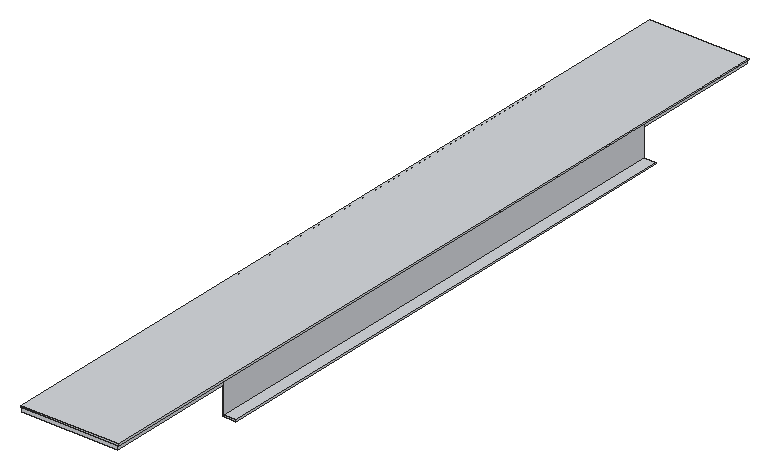
Revit family "Support Framing System (Blanket Insulation) (Side Support Channel)", category Mechanical Equipment, Revit 2015
Parameters
  URL = "https://unitedenertech.com/catalog/pdf/Support%20Framing%20System%20-%20Ins.pdf"
  Type Comments = "Consult Factory for Max. Sizes"
  Model = "Support Framing System (Blanket Insulation) (Side Support Channel)"
  Manufacturer = "Untied Enertech Corporation"
  Length = 4' - 0"
  Description = "Support Framing System for Insulated Blanket Roof"
Reference planes (in)
  plane 1 "Center (Front/Back)": y = 0
  plane 2: z = 0
  plane 3 "Center (Left/Right)": x = 0
  plane 4: z = 2
  plane 5: x = -3
  plane 6: x = 3
  plane 7: x = -3.75
  plane 8: x = 3.75
  plane 9: z = 0.0747
  plane 10: z = 1.9253
  plane 11: x = -2.9253
  plane 12: x = 2.9253
  plane 13: z = 1.6753
  plane 14: y = 24
  plane 15: y = -24
  plane 16: y = -16
  plane 17: y = 16
Forms (in)
  Extrusion 1, solid
    sketch origin (0, 0, 0) x (1, 0, 0) y (0, 0, 1)
      loop
        line (-3, 2) -> (-3, 1.9253) -> (3, 1.9253) -> (3, 2) -> (-3, 2)
    from -24 to 24
  Extrusion 2, solid
    sketch origin (0, 0, 0) x (1, 0, 0) y (0, 0, 1)
      loop
        line (-2.9253, 1.6753) -> (2.9253, 1.6753) -> (2.9253, 1.9253) -> (-2.9253, 1.9253) -> (-2.9253, 1.6753)
    from -24 to 24
  Extrusion 3, solid
    sketch origin (0, 0, 0) x (1, 0, 0) y (0, 0, 1)
      loop
        line (-3.75, 0) -> (-2.9253, 0) -> (-2.9253, 1.9253) -> (-3, 1.9253) -> (-3, 0.0747) -> (-3.75, 0.0747) -> (-3.75, 0)
    from -16 to 16
  Extrusion 4, solid
    sketch origin (0, 0, 0) x (1, 0, 0) y (0, 0, 1)
      loop
        line (2.9253, 1.9253) -> (2.9253, 0) -> (3.75, 0) -> (3.75, 0.0747) -> (3, 0.0747) -> (3, 1.9253) -> (2.9253, 1.9253)
    from -16 to 16
Dimensions and locks (in)
  locked: plane 4 to level at 2
  equal spacing: plane 6, plane 3 "Center (Left/Right)", plane 5
  locked: plane 6 to plane 5 at 6
  locked: plane 7 to plane 5 at 0.75
  locked: plane 8 to plane 6 at 0.75
  locked: plane 9 to level at 0.0747
  locked: plane 4 to plane 10 at 0.0747
  locked: plane 5 to plane 11 at 0.0747
  locked: plane 6 to plane 12 at 0.0747
  locked: plane 10 to plane 13 at 0.25
  equal spacing: plane 14, plane 1 "Center (Front/Back)", plane 15
  "Length": plane 14 to plane 15
  locked: plane 16 to plane 15 at 8
  locked: plane 14 to plane 17 at 8
  aligned and locked: level to plane 2
  aligned and locked: plane 10 to Extrusion 1 sketch curve
  aligned and locked: plane 5 to Extrusion 1 sketch curve
  aligned and locked: Extrusion 1 sketch curve to plane 6
  aligned and locked: Extrusion 1 sketch curve to plane 4
  aligned and locked: plane 14 to Extrusion 1
  aligned and locked: Extrusion 1 to plane 15
  aligned and locked: plane 10 to Extrusion 2 sketch curve
  aligned and locked: plane 11 to Extrusion 2 sketch curve
  aligned and locked: plane 12 to Extrusion 2 sketch curve
  aligned and locked: Extrusion 2 sketch curve to plane 13
  aligned and locked: plane 14 to Extrusion 2
  aligned and locked: Extrusion 2 to plane 15
  aligned and locked: plane 10 to Extrusion 3 sketch curve
  aligned and locked: Extrusion 3 sketch curve to plane 5
  aligned and locked: Extrusion 3 sketch curve to plane 11
  aligned and locked: plane 9 to Extrusion 3 sketch curve
  aligned and locked: plane 7 to Extrusion 3 sketch curve
  aligned and locked: Extrusion 3 sketch curve to level
  aligned and locked: plane 17 to Extrusion 3
  aligned and locked: Extrusion 3 to plane 16
  aligned and locked: plane 10 to Extrusion 4 sketch curve
  aligned and locked: plane 6 to Extrusion 4 sketch curve
  aligned and locked: Extrusion 4 sketch curve to plane 12
  aligned and locked: Extrusion 4 sketch curve to level
  aligned and locked: plane 8 to Extrusion 4 sketch curve
  aligned and locked: plane 9 to Extrusion 4 sketch curve
  aligned and locked: plane 17 to Extrusion 4
  aligned and locked: Extrusion 4 to plane 16
